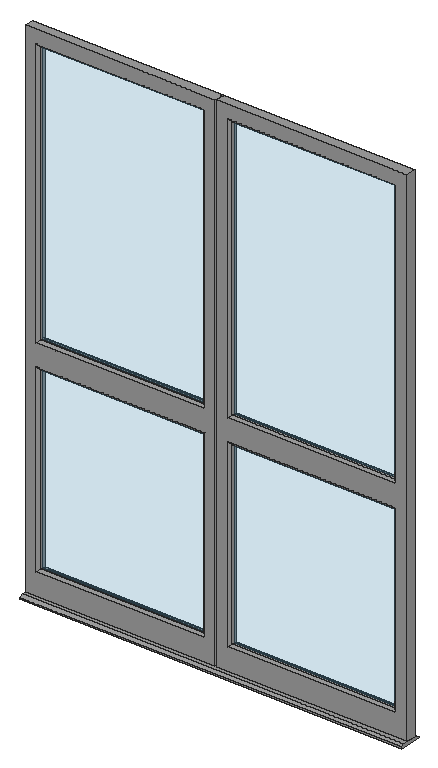
Revit family "NS-212 DOOR-Double-VIP-PD-0.25-SF_v05", category Curtain Panels, Revit 2015
Parameters
  Width [instance] = 6' - 2"
  VIP2 Panic Devices [instance] = not(VIP1 Panic Devices)  # yes
  VIP1 Panic Devices [instance] = no
  URL = "obe.com"
  Rough Width [instance] = 6' - 0"
  Offset [instance] = 0' - 0"
  Model = "NS-212 DOOR"
  Min Panel Width [instance] = if(Rough Width > 5' 11 255/256", Rough Width, 6' 0")  # 6' - 0"
  Manufacturer = "Oldcastle BuildingEnvelope®"
  Keynote = "08 11 00"
  Height [instance] = 8' - 0"
  Pushbar Height [instance] = 3' - 5 1/4"  # constant formula
  Glass Material = Glass
  Frame Material = Aluminum
  Door Panel Height [instance] = Height + 0' 0 3/8"  # 8' - 0 3/8"
  Description = "NS-212 - 1/4\" Door Infill"
  Assembly Code = "B2030"
  Analytic Construction = "<None>"
  6.5 Bottom Rail [instance] = not([4 Bottom Rail])  # no
  4 Bottom Rail [instance] = yes
Reference planes (in)
  plane 1 "Front": y = 0
  plane 2: z = 0
  plane 3 "Center (Left/Right)": x = 0
  plane 4 "Left": x = -37
  plane 5 "Right": x = 37
  plane 6 "Top": z = 96
  plane 7: x = -36
  plane 8: x = 36
Text (in)
  text "Exterior" at (-54.29358, 31.38743, 0), in view "Ref. Level"
  text "Exterior" at (480, 41.53993, 89.60405), in view "Right"
  text "Exterior" at (-240, 57.82419, 105.78864), in view "Left"
Dimensions and locks (in)
  equal spacing: plane 4 "Left", plane 3 "Center (Left/Right)", plane 5 "Right"
  "Width": plane 4 "Left" to plane 5 "Right"
  "Height": plane 6 "Top" to plane 2
  equal spacing: plane 7, plane 3 "Center (Left/Right)", plane 8
  "Min Panel Width": plane 7 to plane 8
  aligned and locked: level to plane 2
  aligned and locked: plane 3 "Center (Left/Right)" to nested 1
  aligned and locked: plane 1 "Front" to nested 1
Nested families (in)
  nested 1: "NS-212 DOOR-Double-VIP-PD-0.25-Panel_v04" at (0, -13, 0), Height <- "Door Panel Height", Width <- "Min Panel Width", Frame Material <- "Frame Material", Glass Material <- "Glass Material", VIP1 Panic Devices <- "VIP1 Panic Devices", 4 Bottom Rail <- "4 Bottom Rail", Offset <- "Offset", type "NS-212 DOOR-Double-VIP-PD-0.25-Panel_v04"
    with Wing Width 3' - 0", built-in parameter 1001301 6' - 0", VIP2 Panic Devices yes, VIP1 Panic Devices no, Pushbar Height 3' - 5 1/4", Offset 0' - 0", built-in parameter 1001300 8' - 0 3/8", Glass at Muntin 0' - 4 9/16", Glass Material Glass, Frame Material Aluminum, Bottom Rail 0' - 4 31/32", 6.5 Bottom Rail no, 4 Bottom Rail yes
Definition of nested family "NS-212 DOOR-Double-VIP-PD-0.25-Panel_v04"
  Parameters (values of type "NS-212 DOOR-Double-VIP-PD-0.25-Panel_v04")
    Wing Width [instance] = Width / 2  # 3' - 0"
    Width [instance] = 6' - 0"
    VIP2 Panic Devices [instance] = not(VIP1 Panic Devices)  # yes
    VIP1 Panic Devices [instance] = no
    Offset [instance] = 0' - 1"
    Height [instance] = 8' - 0"
    Glass at Muntin [instance] = if(VIP1 Panic Devices, 0' 8 9/16", 0' 4 9/16")  # 0' - 4 9/16"
    Pushbar Height [instance] = 3' - 5 1/4"  # constant formula
    Glass Material [instance] = none
    Frame Material [instance] = none
    Bottom Rail [instance] = if([4 Bottom Rail], 0' 4 31/32", 0' 7 15/32")  # 0' - 7 15/32"
    Analytic Construction = "<None>"
    6.5 Bottom Rail [instance] = not([4 Bottom Rail])  # yes
    4 Bottom Rail [instance] = no
  Reference planes (in)
    plane 1 "00": y = 11
    plane 2: z = 0
    plane 3 "Center (Left/Right)": x = 0
    plane 4: z = 96
    plane 5: x = 36
    plane 6: x = -36
    plane 7 "Center (Front/Back)": y = 13
    plane 8 "Exterior": y = 11.125
    plane 9: z = 48
    plane 10: z = 80.96875
    plane 11: z = 92.96875
    plane 12: z = 92.96875
    plane 13: z = 43.53125
    plane 14: z = 38.96875
    plane 15: z = 7.46875
    plane 16 "Offset": y = 12
    plane 17: z = 41.25
  Forms (in)
    Sweep 1, solid, material <- "Frame Material"
      path origin (0, 11, 0) x (1, 0, 0) y (0, 0, 1)
        loop
          line (-35.79321, 96) -> (-0.22004, 96)
      profile origin (-18.00662, 11, 96) x (0, 0, 1) y (0, -1, 0)
        loop
          line (-0.375, -0.875) -> (-0.375, 0.875) -> (-2.74593, 0.875) -> (-3.25, 0.45204) -> (-3.25, 0.125) -> (-3.03125, 0.125) -> (-3.03125, -0.125) -> (-3.25, -0.125) -> (-3.25, -0.45204) -> (-2.74593, -0.875) -> (-0.375, -0.875)
    Sweep 2, solid, material <- "Frame Material"
      path origin (0, 11, 0) x (1, 0, 0) y (0, 0, 1)
        loop
          line (-0.22004, 0) -> (-35.79321, 0)
      profile origin (-18.00662, 11, 0) x (0, 0, -1) y (0, -1, 0)
        loop
          line (-7.18343, -0.875) -> (-0.6875, -0.875) -> (-0.6875, 0.875) -> (-7.18343, 0.875) -> (-7.6875, 0.45204) -> (-7.6875, 0.125) -> (-7.46875, 0.125) -> (-7.46875, -0.125) -> (-7.6875, -0.125) -> (-7.6875, -0.45204) -> (-7.18343, -0.875)
    Sweep 3, solid, material <- "Frame Material"
      path origin (0, 11, 0) x (1, 0, 0) y (0, 0, 1)
        loop
          line (36, 95.625) -> (36, 0.6875)
      profile origin (36, 11, 48.15625) x (0, -1, 0) y (1, 0, 0)
        loop
          line (-0.875, -0.08821) -> (-0.875, -2.20914) -> (-0.45204, -2.71321) -> (-0.125, -2.71321) -> (-0.125, -2.49446) -> (0.125, -2.49446) -> (0.125, -2.71321) -> (0.45204, -2.71321) -> (0.875, -2.20914) -> (0.875, -0.19721) -> (-0.875, -0.08821)
    Sweep 4, solid, material <- "Frame Material"
      path origin (0, 11, 0) x (1, 0, 0) y (0, 0, 1)
        loop
          line (-36, 95.625) -> (-36, 0.6875)
      profile origin (-36, 11, 48.15625) x (0, -1, 0) y (1, 0, 0)
        loop
          line (0.87496, 0.20679) -> (0.87496, 2.21872) -> (0.452, 2.72279) -> (0.12496, 2.72279) -> (0.12496, 2.50404) -> (-0.12504, 2.50404) -> (-0.12504, 2.72279) -> (-0.45208, 2.72279) -> (-0.87504, 2.21872) -> (-0.87504, 0.09779) -> (0.87496, 0.20679)
    Sweep 5, solid, material <- "Frame Material"
      path origin (0, 11, 0) x (1, 0, 0) y (0, 0, 1)
        loop
          line (-0.22004, 48) -> (-35.79321, 48)
      profile origin (-18.00662, 11, 48) x (0, 0, -1) y (0, -1, 0)
        loop
          line (4.25, 0.45204) -> (4.25, 0.125) -> (4.46875, 0.125) -> (4.46875, -0.125) -> (4.25, -0.125) -> (4.25, -0.45204) -> (4.75407, -0.875) -> (8.74593, -0.875) -> (9.25, -0.45204) -> (9.25, -0.125) -> (9.03125, -0.125) -> (9.03125, 0.125) -> (9.25, 0.125) -> (9.25, 0.45204) -> (8.74593, 0.875) -> (4.75407, 0.875) -> (4.25, 0.45204)
    Sweep 6, solid, material <- "Frame Material"
      path origin (0, 11, 0) x (1, 0, 0) y (0, 0, 1)
        loop
          line (0, 95.625) -> (0, 0.6875)
      profile origin (0, 11, 48.15625) x (0, -1, 0) y (1, 0, 0)
        loop
          line (-0.875, -0.22004) -> (-0.875, -2.18343) -> (-0.45204, -2.6875) -> (-0.125, -2.6875) -> (-0.125, -2.46875) -> (0.125, -2.46875) -> (0.125, -2.6875) -> (0.45204, -2.6875) -> (0.875, -2.18343) -> (0.875, -0.22004)
          arc (0.875, -0.22004) -> (0, -0.0625) -> (-0.875, -0.22004) r 2.50872
        loop
          arc (-0.875, 0.22004) -> (0, 0.0625) -> (0.875, 0.22004) r 2.50872
          line (0.875, 0.22004) -> (0.875, 2.18343) -> (0.45204, 2.6875) -> (0.125, 2.6875) -> (0.125, 2.46875) -> (-0.125, 2.46875) -> (-0.125, 2.6875) -> (-0.45204, 2.6875) -> (-0.875, 2.18343) -> (-0.875, 0.22004)
    Sweep 7, solid, material <- "Frame Material"
      path origin (0, 11, 0) x (1, 0, 0) y (0, 0, 1)
        loop
          line (0.22004, 96) -> (35.80279, 96)
      profile origin (18.01141, 11, 96) x (0, 0, 1) y (0, -1, 0)
        loop
          line (-0.375, -0.875) -> (-0.375, 0.875) -> (-2.74593, 0.875) -> (-3.25, 0.45204) -> (-3.25, 0.125) -> (-3.03125, 0.125) -> (-3.03125, -0.125) -> (-3.25, -0.125) -> (-3.25, -0.45204) -> (-2.74593, -0.875) -> (-0.375, -0.875)
    Sweep 8, solid, material <- "Frame Material"
      path origin (0, 5, 0) x (1, 0, 0) y (0, 0, 1)
        loop
          line (35.80279, 48) -> (0.22004, 48)
      profile origin (18.01141, 5, 48) x (0, 0, -1) y (0, -1, 0)
        loop
          line (4.25, -5.54796) -> (4.25, -5.875) -> (4.46875, -5.875) -> (4.46875, -6.125) -> (4.25, -6.125) -> (4.25, -6.45204) -> (4.75407, -6.875) -> (8.74593, -6.875) -> (9.25, -6.45204) -> (9.25, -6.125) -> (9.03125, -6.125) -> (9.03125, -5.875) -> (9.25, -5.875) -> (9.25, -5.54796) -> (8.74593, -5.125) -> (4.75407, -5.125) -> (4.25, -5.54796)
    Sweep 9, solid, material <- "Frame Material"
      path origin (0, 11, 0) x (1, 0, 0) y (0, 0, 1)
        loop
          line (35.80279, 0) -> (0.22004, 0)
      profile origin (18.01141, 11, 0) x (0, 0, -1) y (0, -1, 0)
        loop
          line (-7.18343, -0.875) -> (-0.6875, -0.875) -> (-0.6875, 0.875) -> (-7.18343, 0.875) -> (-7.6875, 0.45204) -> (-7.6875, 0.125) -> (-7.46875, 0.125) -> (-7.46875, -0.125) -> (-7.6875, -0.125) -> (-7.6875, -0.45204) -> (-7.18343, -0.875)
    Extrusion 10, solid, material <- "Glass Material"
      sketch origin (0, 0, 0) x (1, 0, 0) y (0, 1, 0)
        loop
          line (-33.49596, 11.125) -> (-33.49596, 10.875) -> (-2.46875, 10.875) -> (-2.46875, 11.125) -> (-33.49596, 11.125)
      from 7.46875 to 38.96875
    Extrusion 11, solid, material <- "Glass Material"
      sketch origin (0, 0, 0) x (1, 0, 0) y (0, 1, 0)
        loop
          line (2.46875, 11.125) -> (2.46875, 10.875) -> (33.50554, 10.875) -> (33.50554, 11.125) -> (2.46875, 11.125)
      from 7.46875 to 38.96875
    Extrusion 12, solid, material <- "Glass Material"
      sketch origin (0, 0, 0) x (1, 0, 0) y (0, 1, 0)
        loop
          line (-2.46875, 11.125) -> (-33.49596, 11.125) -> (-33.49596, 10.875) -> (-2.46875, 10.875) -> (-2.46875, 11.125)
      from 43.53125 to 92.96875
    Extrusion 13, solid, material <- "Glass Material"
      sketch origin (0, 0, 0) x (1, 0, 0) y (0, 1, 0)
        loop
          line (33.50554, 11.125) -> (2.46875, 11.125) -> (2.46875, 10.875) -> (33.50554, 10.875) -> (33.50554, 11.125)
      from 43.53125 to 92.96875
    Sweep 14, solid, material <- "Frame Material"
      path origin (0, 12, 0) x (1, 0, 0) y (0, 0, 1)
        loop
          line (-35.79321, 0) -> (35.80279, 0)
      profile origin (0.00479, 12, 0) x (0, 0, 1) y (0, -1, 0)
        loop
          line (0.5, 2.468) -> (0.19364, 3.125) -> (0, 3.125) -> (0, -0.875) -> (0.19364, -0.875) -> (0.5, -0.218) -> (0.5, 2.468)
  Cuts and joins
    joined: Sweep 1, Sweep 2, Sweep 3, Sweep 4, Sweep 5, Sweep 6, Sweep 7, Sweep 8, Sweep 9
  Lines and regions (in)
    model lines
      curve 1: line (2.46875, 11.125, 92.96875) -> (32.29086, 11.125, 48)
      curve 2: line (32.29086, 11.125, 48) -> (2.46875, 11.125, 4.96875)
      curve 3: line (-2.46875, 11.125, 92.96875) -> (-32.28128, 11.125, 48)
      curve 4: line (-32.28128, 11.125, 48) -> (-2.46875, 11.125, 4.96875)
  Dimensions and locks (in)
    "Height": plane 4 to level
    "Width": plane 6 to plane 5
    "Offset": plane 16 "Offset" to plane 7 "Center (Front/Back)"
    plane 1 "00" to plane 8 "Exterior" to plane 16 "Offset" = 0' - 0 1/8" locked, 0' - 0 7/8" locked
    equal spacing: level, plane 9, plane 4
    locked: plane 3 "Center (Left/Right)" to Sweep 2 sketch curve at 0.22004
    locked: Sweep 3 sketch curve to plane 4 at 0.375
    locked: Sweep 4 sketch curve to plane 4 at 0.375
    locked: plane 3 "Center (Left/Right)" to Sweep 1 sketch curve at 0.22004
    "Bottom Rail": Sweep 2 sketch curve to level
    Sweep 2 sketch curve to Sweep 2 sketch curve to Sweep 2 sketch curve to Sweep 2 sketch curve to Sweep 2 sketch curve = 0' - 0" locked, 0' - 0 7/32" locked, 0' - 0.28532" locked, 0' - 0" locked
    locked: plane 3 "Center (Left/Right)" to Sweep 5 sketch curve at 0.22004
    locked: Sweep 7 sketch curve to plane 3 "Center (Left/Right)" at 0.22004
    locked: Sweep 8 sketch curve to plane 3 "Center (Left/Right)" at 0.22004
    locked: Sweep 9 sketch curve to plane 3 "Center (Left/Right)" at 0.22004
    locked: plane 11 to plane 4 at 3.03125
    "Bottom Rail": level to Extrusion 10
    "Glass at Muntin": cut or joined group of Sweep 1, Sweep 2, Sweep 3, Sweep 4, Sweep 5, Sweep 6, Sweep 7, Sweep 8, Sweep 9 to Extrusion 10
    Extrusion 11 sketch curve to plane 1 "00" to Extrusion 11 sketch curve = 0' - 0 1/8" locked, 0' - 0 1/8" locked
    locked: plane 3 "Center (Left/Right)" to Extrusion 11 sketch curve at 2.46875
    Extrusion 10 sketch curve to plane 1 "00" to Extrusion 10 sketch curve = 0' - 0 1/8" locked, 0' - 0 1/8" locked
    Extrusion 12 sketch curve to plane 1 "00" to Extrusion 12 sketch curve = 0' - 0 1/8" locked, 0' - 0 1/8" locked
    locked: plane 4 to Extrusion 12 at 3.03125
    Extrusion 13 sketch curve to plane 1 "00" to Extrusion 13 sketch curve = 0' - 0 1/8" locked, 0' - 0 1/8" locked
    locked: plane 3 "Center (Left/Right)" to Extrusion 13 sketch curve at 2.46875
    Extrusion 10 sketch curve to plane 3 "Center (Left/Right)" = 0' - 2 15/32"
    locked: Extrusion 12 sketch curve to plane 3 "Center (Left/Right)" at 2.46875
    locked: Sweep 1 sketch curve to plane 6 at 0.20679
    locked: plane 5 to Sweep 7 sketch curve at 0.19721
    locked: plane 4 to Sweep 6 sketch curve at 0.375
    locked: plane 5 to Sweep 8 sketch curve at 0.19721
    locked: Sweep 5 sketch curve to plane 6 at 0.20679
    locked: Sweep 2 sketch curve to plane 6 at 0.20679
    locked: plane 5 to Sweep 9 sketch curve at 0.19721
    locked: Sweep 7 sketch curve to plane 12 at 0.28532  (x2)
    locked: plane 12 to Sweep 7 sketch curve at 0.21875  (x2)
    locked: plane 13 to Sweep 8 sketch curve at 0.28532  (x2)
    locked: Sweep 8 sketch curve to plane 13 at 0.21875  (x2)
    locked: Sweep 8 sketch curve to plane 14 at 0.28532  (x2)
    locked: plane 14 to Sweep 8 sketch curve at 0.21875  (x2)
    locked: plane 15 to Sweep 9 sketch curve at 0.28532  (x2)
    locked: Sweep 9 sketch curve to plane 15 at 0.21875  (x2)
    "Glass at Muntin": plane 13 to plane 14
    "Bottom Rail": plane 15 to plane 2
    locked: plane 4 to plane 12 at 3.03125
    equal spacing: plane 6, plane 3 "Center (Left/Right)", plane 5
    equal spacing: plane 13, plane 17, plane 14
    "Pushbar Height": plane 17 to plane 2
    Sweep 5 sketch curve to plane 13 to Sweep 5 sketch curve = 0' - 0 7/32" locked, 0' - 0.28532" locked
    Sweep 5 sketch curve to plane 14 to Sweep 5 sketch curve = 0' - 0.28532" locked, 0' - 0 7/32" locked
    locked: plane 5 to Sweep 14 sketch curve at 0.19721
    locked: Sweep 14 sketch curve to plane 6 at 0.20679
    locked: Sweep 4 sketch curve to plane 2 at 0.6875
    locked: Sweep 6 sketch curve to plane 2 at 0.6875
    locked: Sweep 3 sketch curve to plane 2 at 0.6875
    locked: nested 1 to plane 1 "00" at 1.093
    aligned and locked: plane 2 to level
    aligned and locked: plane 3 "Center (Left/Right)" to nested 1
    aligned and locked: Sweep 1 sketch curve to plane 4
    aligned and locked: Sweep 2 sketch curve to level
    aligned and locked: level to nested 2
    aligned and locked: nested 2 to plane 1 "00"
    aligned and locked: plane 5 to Sweep 3 sketch curve
    aligned and locked: plane 6 to Sweep 4 sketch curve
    aligned and locked: Sweep 5 sketch curve to plane 9
    aligned and locked: plane 3 "Center (Left/Right)" to Sweep 6 sketch curve
    aligned and locked: plane 9 to curve 3
    aligned and locked: plane 9 to curve 1
    aligned and locked: Sweep 9 sketch curve to level
    aligned and locked: Sweep 8 sketch curve to plane 9
    aligned and locked: plane 4 to Sweep 7 sketch curve
    aligned and locked: Extrusion 12 to cut or joined group of Sweep 1, Sweep 2, Sweep 3, Sweep 4, Sweep 5, Sweep 6, Sweep 7, Sweep 8, Sweep 9
    aligned and locked: Extrusion 13 to cut or joined group of Sweep 1, Sweep 2, Sweep 3, Sweep 4, Sweep 5, Sweep 6, Sweep 7, Sweep 8, Sweep 9
    aligned and locked: plane 12 to Extrusion 13
    aligned and locked: plane 14 to Extrusion 11
    aligned and locked: Extrusion 13 to plane 13
    aligned and locked: Extrusion 11 to plane 15
    aligned and locked: plane 13 to Sweep 5 sketch curve
    aligned and locked: plane 14 to Sweep 5 sketch curve
    aligned and locked: Sweep 14 sketch curve to plane 2
  Automatic sketch dimensions
    plane 1 "00" to Sweep 1 sketch curve = 0' - 0 1/8"
    profile plane to Sweep 1 sketch curve = 0' - 3 1/4"
    Sweep 1 sketch curve to plane 1 "00" = 0' - 0.45204"
    Sweep 1 sketch curve to Sweep 1 sketch curve = 0' - 0"
    Sweep 1 sketch curve to Sweep 1 sketch curve = 0' - 0 7/32"
    plane 1 "00" to Sweep 1 sketch curve = 0' - 0 7/8"
    Sweep 1 sketch curve to Sweep 1 sketch curve = 0' - 0.50407"  (x2)
    profile plane to Sweep 1 sketch curve = 0' - 0 3/8"
    Sweep 1 sketch curve to plane 1 "00" = 0' - 0 7/8"
    Sweep 1 sketch curve to plane 1 "00" = 0' - 0 1/8"
    Sweep 1 sketch curve to Sweep 1 sketch curve = 0' - 0.32704"
    plane 1 "00" to Sweep 6 sketch curve = 0' - 0"  (x2)
    Sweep 6 sketch curve to plane 1 "00" = 0' - 0 1/8"  (x2)
    Sweep 6 sketch curve to Sweep 6 sketch curve = 0' - 0.32704"  (x4)
    Sweep 6 sketch curve to profile plane = 0' - 0.22004"
    Sweep 6 sketch curve to plane 1 "00" = 0' - 0 7/8"
    Sweep 6 sketch curve to Sweep 6 sketch curve = 0' - 0.42296"  (x3)
    plane 1 "00" to Sweep 6 sketch curve = 0' - 0 1/8"  (x2)
    profile plane to Sweep 6 sketch curve = 0' - 0.22004"
    Sweep 6 sketch curve to Sweep 6 sketch curve = 0' - 1.96339"  (x2)
    Sweep 6 sketch curve to Sweep 6 sketch curve = 0' - 0"  (x2)
    Sweep 6 sketch curve to Sweep 6 sketch curve = 0' - 0.28532"  (x2)
    Sweep 6 sketch curve to Sweep 6 sketch curve = 0' - 0.10247"  (x2)
    Sweep 6 sketch curve to Sweep 6 sketch curve = 0' - 0.11628"  (x4)
    plane 1 "00" to Sweep 7 sketch curve = 0' - 0 1/8"
    Sweep 7 sketch curve to plane 1 "00" = 0' - 0.45204"
    Sweep 7 sketch curve to Sweep 7 sketch curve = 0' - 0 7/32"
    plane 1 "00" to Sweep 7 sketch curve = 0' - 0 7/8"
    profile plane to Sweep 7 sketch curve = 0' - 0 3/8"
    Sweep 7 sketch curve to plane 1 "00" = 0' - 0 7/8"
    Sweep 7 sketch curve to plane 1 "00" = 0' - 0 1/8"
    Sweep 7 sketch curve to Sweep 7 sketch curve = 0' - 0.32704"
    Sweep 4 sketch curve to plane 1 "00" = 0' - 0.87504"
    Sweep 4 sketch curve to plane 1 "00" = 0' - 0.45208"
    Sweep 4 sketch curve to plane 1 "00" = 0' - 0.12504"
    plane 1 "00" to Sweep 4 sketch curve = 0' - 0.12496"
    Sweep 4 sketch curve to Sweep 4 sketch curve = 0' - 0.32704"
    Sweep 4 sketch curve to Sweep 4 sketch curve = 0' - 0.42296"
    Sweep 4 sketch curve to profile plane = 0' - 0.09779"
    Sweep 4 sketch curve to profile plane = 0' - 0.20679"
    Sweep 4 sketch curve to Sweep 4 sketch curve = 0' - 2.12093"
    Sweep 4 sketch curve to Sweep 4 sketch curve = 0' - 0"
    Sweep 4 sketch curve to Sweep 4 sketch curve = 0' - 0.28532"
    Sweep 4 sketch curve to Sweep 4 sketch curve = 0' - 0 7/32"  (x2)
    Sweep 3 sketch curve to plane 1 "00" = 0' - 0 7/8"
    Sweep 3 sketch curve to plane 1 "00" = 0' - 0.45204"
    Sweep 3 sketch curve to plane 1 "00" = 0' - 0 1/8"
    plane 1 "00" to Sweep 3 sketch curve = 0' - 0 1/8"
    Sweep 3 sketch curve to Sweep 3 sketch curve = 0' - 0.32704"
    plane 1 "00" to Sweep 3 sketch curve = 0' - 0 7/8"
    profile plane to Sweep 3 sketch curve = 0' - 2.71321"
    Sweep 3 sketch curve to Sweep 3 sketch curve = 0' - 0"
    Sweep 3 sketch curve to Sweep 3 sketch curve = 0' - 0 7/32"
    Sweep 3 sketch curve to Sweep 3 sketch curve = 0' - 0.50407"  (x2)
    profile plane to Sweep 3 sketch curve = 0' - 0.19721"
    profile plane to Sweep 3 sketch curve = 0' - 0.08821"
    Sweep 8 sketch curve to Sweep 8 sketch curve = 0' - 0 7/32"  (x2)
    Sweep 8 sketch curve to plane 1 "00" = 0' - 0 7/8"
    Sweep 8 sketch curve to plane 1 "00" = 0' - 0.45204"  (x2)
    Sweep 8 sketch curve to plane 1 "00" = 0' - 0 1/8"  (x2)
    plane 1 "00" to Sweep 8 sketch curve = 0' - 0 1/8"  (x2)
    Sweep 8 sketch curve to Sweep 8 sketch curve = 0' - 0.32704"  (x2)
    Sweep 8 sketch curve to Sweep 8 sketch curve = 0' - 0.42296"
    profile plane to Sweep 9 sketch curve = 0' - 0 11/16"
    Sweep 9 sketch curve to plane 1 "00" = 0' - 0.45204"
    Sweep 9 sketch curve to plane 1 "00" = 0' - 0 1/8"
    plane 1 "00" to Sweep 9 sketch curve = 0' - 0 1/8"
    Sweep 9 sketch curve to Sweep 9 sketch curve = 0' - 0.32704"
    Sweep 9 sketch curve to Sweep 9 sketch curve = 0' - 0.42296"
    Sweep 9 sketch curve to Sweep 9 sketch curve = 0' - 0 7/32"
    plane 6 to Extrusion 10 sketch curve = 0' - 2.50404"
    plane 6 to Extrusion 12 sketch curve = 0' - 2.50404"
    Extrusion 11 sketch curve to plane 5 = 0' - 2.49446"
    Extrusion 13 sketch curve to plane 5 = 0' - 2.49446"
    curve 3 to plane 12 = 0' - 0"
    curve 1 to plane 12 = 0' - 0"
    plane 6 to curve 4 = 0' - 3.71872"
    curve 3 to plane 3 "Center (Left/Right)" = 0' - 2 15/32"
    curve 4 to plane 3 "Center (Left/Right)" = 0' - 2 15/32"
    plane 3 "Center (Left/Right)" to curve 2 = 0' - 2 15/32"
    plane 3 "Center (Left/Right)" to curve 1 = 0' - 2 15/32"
    curve 2 to plane 5 = 0' - 3.70914"
    curve 4 to plane 15 = 0' - 2 1/2"
    curve 2 to plane 15 = 0' - 2 1/2"
    Sweep 5 sketch curve to Sweep 5 sketch curve = 0' - 0 7/32"  (x2)
    Sweep 5 sketch curve to plane 1 "00" = 0' - 0 7/8"
    Sweep 5 sketch curve to plane 1 "00" = 0' - 0.45204"  (x2)
    Sweep 5 sketch curve to plane 1 "00" = 0' - 0 1/8"  (x2)
    plane 1 "00" to Sweep 5 sketch curve = 0' - 0 1/8"  (x2)
    Sweep 5 sketch curve to Sweep 5 sketch curve = 0' - 0.32704"  (x2)
    Sweep 5 sketch curve to Sweep 5 sketch curve = 0' - 0.42296"
    Sweep 5 sketch curve to Sweep 5 sketch curve = 0' - 0"
    Sweep 5 sketch curve to Sweep 5 sketch curve = 0' - 0.50407"
    Sweep 9 sketch curve to Sweep 9 sketch curve = 0' - 1 3/4"
    Sweep 14 sketch curve to profile plane = 0' - 0.19364"  (x2)
    Sweep 14 sketch curve to plane 16 "Offset" = 0' - 0 7/8"
    Sweep 14 sketch curve to plane 16 "Offset" = 0' - 0.218"
    Sweep 14 sketch curve to Sweep 14 sketch curve = 0' - 2.686"
    Sweep 14 sketch curve to profile plane = 0' - 0 1/2"
    Sweep 14 sketch curve to Sweep 14 sketch curve = 0' - 0.657"
    profile plane to Sweep 14 sketch curve = 0' - 0"
    profile plane to Sweep 2 sketch curve = 0' - 0 11/16"
    Sweep 2 sketch curve to plane 1 "00" = 0' - 0 7/8"
    Sweep 2 sketch curve to plane 1 "00" = 0' - 0.45204"
    Sweep 2 sketch curve to plane 1 "00" = 0' - 0 1/8"
    plane 1 "00" to Sweep 2 sketch curve = 0' - 0 1/8"
    Sweep 2 sketch curve to Sweep 2 sketch curve = 0' - 0.32704"
    Sweep 2 sketch curve to Sweep 2 sketch curve = 0' - 0.42296"
  Nested families (in)
    nested 1: "NS-212 DOOR-Double-VIP-0.25-Plan View_v02" at (0, 11, 0), Width <- "Width", Wing Width <- "Wing Width", type "NS-212 DOOR-Double-VIP-0.25-Plan View_v02"
      with Wing Width 3' - 0", Width 6' - 0"
    nested 2: "NS-212 DOOR-Double-VIP-PD-0.25-Section_v02" at (0, 11, 0) x (0, -1, 0) z (1, 0, 0), Height <- "Height", 4 Bottom Rail <- "4 Bottom Rail", VIP1 Panic Devices <- "VIP1 Panic Devices", type "NS-212 DOOR-Double-VIP-PD-0.25-Section_v02"
      with VIP2 Panic Devices yes, VIP1 Panic Devices no, Pushbar Height 3' - 5 1/4", Height 8' - 0", Glass at Muntins 0' - 4 9/16", Bottom Rail 0' - 7 15/32", 6.5 Bottom Rail yes, 4 Bottom Rail no
  Definition of nested family "NS-212 DOOR-Double-VIP-0.25-Plan View_v02"
    Parameters (values of type "NS-212 DOOR-Double-VIP-0.25-Plan View_v02")
      Wing Width [instance] = Width / 2  # 3' - 0"
      Width [instance] = 6' - 0"
    Reference planes (in)
      plane 1 "Center (Front/Back)": y = 0
      plane 2: z = 0
      plane 3 "Center (Left/Right)": x = 0
      plane 4: x = -36
      plane 5: x = 36
      plane 6: x = 34.6875
      plane 7: x = -34.6875
      plane 8: y = -1.093
      plane 9: y = 1.25
      plane 10: x = 35.9375
      plane 11: y = 37.25
      plane 12: y = 1.25
      plane 13: x = -35.9375
      plane 14: x = -34.6875
    Lines and regions (in)
      detail lines, in view "Ref. Level", not visible
        curve 1: line (-33.50388, 0.125, 0) -> (-2.46875, 0.125, 0)
        curve 2: line (-33.50388, -0.125, 0) -> (-2.46875, -0.125, 0)
        curve 8: line (2.46875, -0.125, 0) -> (33.53125, -0.125, 0)
        curve 9: line (2.46875, 0.125, 0) -> (33.53125, 0.125, 0)
      detail lines, in view "Ref. Level"
        curve 3: line (34.5625, 3.65625, 0) -> (34.5625, 34.71875, 0)
        curve 7: line (34.8125, 3.65625, 0) -> (34.8125, 34.71875, 0)
        curve 10: arc (34.6875, 37.125, 0) -> (9.68616, 25.73357, 0) -> (0.0625, 0, 0) r 35.89677
        curve 11: line (-34.56563, 3.65625, 0) -> (-34.56563, 34.71875, 0)
        curve 15: line (-34.8125, 3.65625, 0) -> (-34.8125, 34.71875, 0)
        curve 16: arc (-34.6875, 37.125, 0) -> (-9.68616, 25.73357, 0) -> (-0.0625, 0, 0) r 35.89677
      detail lines, in view "Ref. Level", detail levels fine
        curve 4: line (34.625, 3.65625, 0) -> (34.625, 34.71875, 0)
        curve 5: line (34.6875, 3.65625, 0) -> (34.6875, 34.71875, 0)
        curve 6: line (34.75, 3.65625, 0) -> (34.75, 34.71875, 0)
        curve 12: line (-34.62813, 3.65625, 0) -> (-34.62813, 34.71875, 0)
        curve 13: line (-34.6875, 3.65625, 0) -> (-34.6875, 34.71875, 0)
        curve 14: line (-34.75, 3.65625, 0) -> (-34.75, 34.71875, 0)
    Dimensions and locks (in)
      equal spacing: plane 4, plane 3 "Center (Left/Right)", plane 5
      "Wing Width": plane 9 to plane 11
      "Width": plane 4 to plane 5
      locked: plane 6 to plane 5 at 1.3125
      locked: plane 5 to nested 5 at 2.2805
      locked: plane 1 "Center (Front/Back)" to plane 8 at 1.093
      locked: plane 10 to plane 5 at 0.0625
      locked: plane 1 "Center (Front/Back)" to plane 9 at 1.25
      plane 9 to curve 9 = 0' - 1 1/8"
      locked: plane 11 to nested 3 at 0.0625
      locked: nested 8 to plane 4 at 2.2805
      locked: plane 11 to nested 6 at 0.0625
      locked: plane 4 to plane 14 at 1.3125
      locked: plane 4 to plane 13 at 0.0625
      locked: plane 1 "Center (Front/Back)" to plane 12 at 1.25
      aligned and locked: plane 3 "Center (Left/Right)" to nested 1
      aligned and locked: nested 1 to plane 1 "Center (Front/Back)"
      aligned and locked: plane 3 "Center (Left/Right)" to nested 2
      aligned and locked: nested 2 to plane 1 "Center (Front/Back)"
      aligned and locked: nested 3 to plane 6
      aligned and locked: curve 7 to nested 3
      aligned and locked: nested 3 to curve 6
      aligned and locked: nested 3 to curve 5
      aligned and locked: nested 3 to curve 4
      aligned and locked: nested 3 to curve 3
      aligned and locked: plane 1 "Center (Front/Back)" to nested 1
      aligned and locked: nested 2 to curve 9
      aligned and locked: nested 2 to curve 8
      aligned and locked: curve 1 to nested 1
      aligned and locked: nested 1 to curve 2
      aligned and locked: nested 5 to plane 1 "Center (Front/Back)"
      aligned and locked: nested 4 to curve 7
      aligned and locked: nested 4 to curve 6
      aligned and locked: nested 4 to curve 5
      aligned and locked: nested 4 to curve 4
      aligned and locked: curve 3 to nested 4
      aligned and locked: nested 5 to curve 9
      aligned and locked: curve 8 to nested 5
      aligned and locked: nested 4 to plane 6
      aligned and locked: nested 4 to plane 8
      aligned and locked: nested 3 to curve 10
      aligned and locked: plane 14 to nested 6
      aligned and locked: curve 15 to nested 6
      aligned and locked: nested 6 to curve 14
      aligned and locked: nested 6 to curve 13
      aligned and locked: nested 6 to curve 12
      aligned and locked: nested 6 to curve 11
      aligned and locked: nested 7 to curve 15
      aligned and locked: nested 7 to curve 14
      aligned and locked: nested 7 to curve 13
      aligned and locked: nested 7 to curve 12
      aligned and locked: nested 7 to curve 11
      aligned and locked: plane 14 to nested 7
      aligned and locked: plane 1 "Center (Front/Back)" to nested 8
      aligned and locked: nested 7 to plane 8
      aligned and locked: plane 7 to plane 14
    Automatic sketch dimensions
      curve 16 to plane 9 = 0' - 0"
      curve 16 to plane 13 = 0' - 0"
      curve 13 to plane 14 = 0' - 0"
      curve 16 to plane 14 = 0' - 0"
      plane 1 "Center (Front/Back)" to curve 16 = 0' - 0"
      plane 1 "Center (Front/Back)" to curve 10 = 0' - 0"
      curve 5 to plane 6 = 0' - 0"
      plane 9 to curve 10 = 0' - 0"
      curve 10 to plane 10 = 0' - 0"
      curve 15 to curve 13 = 0' - 0 1/8"
      curve 15 to curve 14 = 0' - 0 1/16"
      plane 7 to curve 12 = 0' - 0.05937"
      curve 12 to curve 11 = 0' - 0 1/16"
      plane 1 "Center (Front/Back)" to curve 2 = 0' - 0 1/8"  (x2)
      plane 7 to curve 2 = 0' - 1.18362"
      curve 1 to plane 1 "Center (Front/Back)" = 0' - 0 1/8"  (x2)
      curve 1 to curve 2 = 0' - 0"
      curve 16 to plane 3 "Center (Left/Right)" = 0' - 0 1/16"
      plane 3 "Center (Left/Right)" to curve 10 = 0' - 0 1/16"
      curve 8 to curve 9 = 0' - 0"
      plane 6 to curve 3 = 0' - 0 1/8"
      plane 6 to curve 4 = 0' - 0 1/16"
      curve 5 to curve 6 = 0' - 0 1/16"
      curve 6 to curve 7 = 0' - 0 1/16"
      plane 1 "Center (Front/Back)" to curve 8 = 0' - 0 1/8"  (x2)
      curve 9 to plane 1 "Center (Front/Back)" = 0' - 0 1/8"
    Nested families (in)
      nested 1: "M STILE L-DI" at (0, 0, 0) x (-1, 0, 0) z (0, 0, 1), type "M STILE L-DI", in view "Ref. Level", not visible
      nested 2: "M STILE R-DI" at (0, 0, 0) x (-1, 0, 0) z (0, 0, 1), type "M STILE R-DI", in view "Ref. Level", not visible
      nested 3: "M STILE R-DI" at (34.6875, 37.1875, 0) x (0, 1, 0) z (0, 0, 1), type "M STILE R-DI", in view "Ref. Level"
      nested 4: "HINGE-PD-DI" at (34.6875, -1.093, 0) x (0, 1, 0) z (0, 0, 1), type "HINGE-HD-DI", in view "Ref. Level"
      nested 5: "HINGE-PD-DI" at (38.2805, 0, 0) x (-1, 0, 0) z (0, 0, 1), type "HINGE-HD-DI", in view "Ref. Level", not visible
      nested 6: "M STILE R-DI" at (-34.6875, 37.1875, 0) x (0, 1, 0) z (0, 0, 1), type "M STILE R-DI", in view "Ref. Level"
      nested 7: "HINGE-PD-DI" at (-34.6875, -1.093, 0) x (0, 1, 0) z (0, 0, 1), type "HINGE-HD-DI", in view "Ref. Level"
      nested 8: "HINGE-PD-DI" at (-38.2805, 0, 0), type "HINGE-HD-DI", in view "Ref. Level", not visible
    Definition of nested family "M STILE L-DI"
      Reference planes (in)
        plane 1 "Center (Front/Back)": y = 0
        plane 2: z = 0
        plane 3 "Center (Left/Right)": x = 0
    Definition of nested family "M STILE R-DI"
      Reference planes (in)
        plane 1 "Center (Front/Back)": y = 0
        plane 2: z = 0
        plane 3 "Center (Left/Right)": x = 0
    Definition of nested family "HINGE-PD-DI"
      Reference planes (in)
        plane 1 "Center (Front/Back)": y = 0
        plane 2: z = 0
        plane 3 "Center (Left/Right)": x = 0
  Definition of nested family "NS-212 DOOR-Double-VIP-PD-0.25-Section_v02"
    Parameters (values of type "NS-212 DOOR-Double-VIP-PD-0.25-Section_v02")
      VIP2 Panic Devices [instance] = not(VIP1 Panic Devices)  # no
      VIP1 Panic Devices [instance] = yes
      Height [instance] = 8' - 0"
      Pushbar Height [instance] = 3' - 5 1/4"  # constant formula
      Glass at Muntins [instance] = if(VIP2 Panic Devices, 0' 4 9/16", 0' 8 9/16")  # 0' - 8 9/16"
      Bottom Rail [instance] = if([6.5 Bottom Rail], 0' 7 15/32", 0' 4 31/32")  # 0' - 7 15/32"
      6.5 Bottom Rail [instance] = not([4 Bottom Rail])  # yes
      4 Bottom Rail [instance] = no
    Reference planes (in)
      plane 1 "Center (Front/Back)": y = 0
      plane 2: z = 0
      plane 3 "Center (Left/Right)": x = 0
      plane 4: y = 7.46875
      plane 5: y = 92.96875
      plane 6: y = 96
      plane 7: y = 45.53125
      plane 8: y = 36.96875
      plane 9: y = 45.75
      plane 10: y = 41.25
      plane 11: y = 43.75
    Lines and regions (in)
      detail lines, in view "Ref. Level"
        curve 1: line (-0.125, 92.96875, 0) -> (-0.125, 45.53125, 0)
        curve 5: line (0.125, 92.96875, 0) -> (0.125, 45.53125, 0)
        curve 6: line (0.125, 36.96875, 0) -> (0.125, 7.46875, 0)
        curve 10: line (-0.125, 36.96875, 0) -> (-0.125, 7.46875, 0)
      detail lines, in view "Ref. Level", detail levels fine
        curve 2: line (-0.0625, 92.96875, 0) -> (-0.0625, 45.53125, 0)
        curve 3: line (0, 92.96875, 0) -> (0, 45.53125, 0)
        curve 4: line (0.0625, 92.96875, 0) -> (0.0625, 45.53125, 0)
        curve 7: line (0.0625, 36.96875, 0) -> (0.0625, 7.46875, 0)
        curve 8: line (0, 36.96875, 0) -> (0, 7.46875, 0)
        curve 9: line (-0.0625, 36.96875, 0) -> (-0.0625, 7.46875, 0)
    Dimensions and locks (in)
      "Bottom Rail": plane 4 to plane 1 "Center (Front/Back)"
      "Height": plane 6 to plane 1 "Center (Front/Back)"
      "Glass at Muntins": plane 8 to plane 7
      nested 1 to plane 6 to plane 5 = 0' - 3 1/8" locked, 0' - 3 1/32" locked
      equal spacing: plane 8, plane 10, plane 7
      "Pushbar Height": plane 1 "Center (Front/Back)" to plane 10
      plane 10 to plane 11 to plane 9 = 0' - 2 1/2" locked, 0' - 2" locked
      aligned and locked: plane 5 to curve 2
      aligned and locked: plane 5 to curve 1
      aligned and locked: plane 3 "Center (Left/Right)" to nested 1
      aligned and locked: plane 1 "Center (Front/Back)" to nested 2
      aligned and locked: plane 3 "Center (Left/Right)" to nested 2
      aligned and locked: plane 4 to curve 10
      aligned and locked: plane 4 to curve 9
      aligned and locked: plane 4 to curve 6
      aligned and locked: plane 4 to curve 7
      aligned and locked: plane 4 to curve 8
      aligned and locked: plane 5 to curve 5
      aligned and locked: plane 5 to curve 4
      aligned and locked: plane 5 to curve 3
      aligned and locked: plane 1 "Center (Front/Back)" to nested 3
      aligned and locked: plane 3 "Center (Left/Right)" to nested 3
      aligned and locked: plane 7 to curve 1
      aligned and locked: plane 7 to curve 2
      aligned and locked: plane 7 to curve 3
      aligned and locked: plane 7 to curve 4
      aligned and locked: plane 7 to curve 5
      aligned and locked: plane 8 to curve 6
      aligned and locked: plane 8 to curve 7
      aligned and locked: plane 8 to curve 8
      aligned and locked: plane 8 to curve 9
      aligned and locked: plane 8 to curve 10
      aligned and locked: plane 9 to nested 4
      aligned and locked: plane 3 "Center (Left/Right)" to nested 4
      aligned and locked: plane 3 "Center (Left/Right)" to nested 5
      aligned and locked: plane 11 to nested 5
    Automatic sketch dimensions
      curve 8 to plane 3 "Center (Left/Right)" = 0' - 0"
      curve 3 to plane 3 "Center (Left/Right)" = 0' - 0"
      curve 9 to plane 3 "Center (Left/Right)" = 0' - 0 1/16"
      curve 2 to plane 3 "Center (Left/Right)" = 0' - 0 1/16"
      curve 1 to curve 2 = 0' - 0 1/16"
      curve 10 to curve 9 = 0' - 0 1/16"
      plane 3 "Center (Left/Right)" to curve 7 = 0' - 0 1/16"
      plane 3 "Center (Left/Right)" to curve 4 = 0' - 0 1/16"
      curve 7 to curve 6 = 0' - 0 1/16"
      curve 4 to curve 5 = 0' - 0 1/16"
    Nested families (in)
      nested 1: "TOP RAIL-DI" at (0, 99.125, 0), type "TOP RAIL-DI", in view "Ref. Level"
      nested 2: "4 BOT RAIL-DI" at (0, 5.1875, 0), visible <- "4 Bottom Rail", type "4 BOT RAIL-DI", in view "Ref. Level"
      nested 3: "6.5 BOT RAIL-DI" at (0, 7.6875, 0), visible <- "6.5 Bottom Rail", type "6.5 BOT RAIL-DI", in view "Ref. Level"
      nested 4: "MIDRAIL-VIP1-DI" at (0, 45.75, 0), visible <- "VIP1 Panic Devices", type "MIDRAIL-VIP1-DI", in view "Ref. Level"
      nested 5: "MIDRAIL-VIP2-DI" at (0, 43.75, 0), visible <- "VIP2 Panic Devices", type "MIDRAIL-VIP2-DI", in view "Ref. Level"
    Definition of nested family "TOP RAIL-DI"
      Reference planes (in)
        plane 1 "Center (Front/Back)": y = 0
        plane 2: z = 0
        plane 3 "Center (Left/Right)": x = 0
    Definition of nested family "4 BOT RAIL-DI"
      Reference planes (in)
        plane 1 "Center (Front/Back)": y = 0
        plane 2: z = 0
        plane 3 "Center (Left/Right)": x = 0
    Definition of nested family "6.5 BOT RAIL-DI"
      Reference planes (in)
        plane 1 "Center (Front/Back)": y = 0
        plane 2: z = 0
        plane 3 "Center (Left/Right)": x = 0
    Definition of nested family "MIDRAIL-VIP1-DI"
      Reference planes (in)
        plane 1 "Center (Front/Back)": y = 0
        plane 2: z = 0
        plane 3 "Center (Left/Right)": x = 0
    Definition of nested family "MIDRAIL-VIP2-DI"
      Reference planes (in)
        plane 1 "Center (Front/Back)": y = 0
        plane 2: z = 0
        plane 3 "Center (Left/Right)": x = 0
